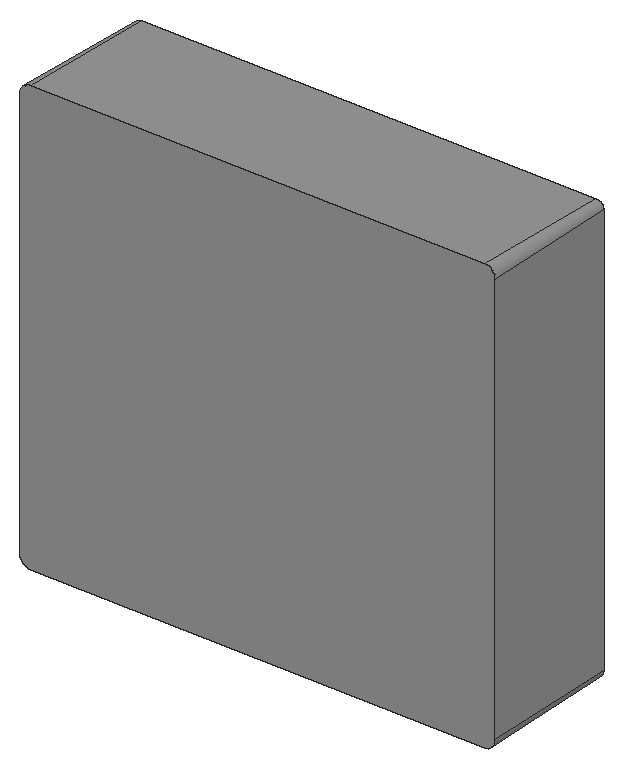
Revit family "L&L_LUCE&LIGHT_PASITO_1.2", category Lighting Fixtures, host Wall, Revit 2018 (continued)
Types (2, lengths in mm): name | Photometric Web File | built-in parameter 1150142
     1.50 1.34 1.19 1.06 0.92 0.77 0.64 0.52 0.39 \r\n0.27 0.16 0.07 0.02 \r\n0.07 0.10 0.34 0.93 1.49 1.84 2.42 3.59 5.22 7.17 9.50 \r\n12.23 15.45 19.47 24.01 29.56 36.25 43.65 51.96 60.90 \r\n69.29 75.83 80.04 82.99 85.92 88.99 91.88 94.60 97.21 \r\n99.97 102.65 105.06 107.33 109.63 111.73 113.78 115.85 \r\n117.63 119.20 120.80 122.32 123.59 124.60 125.61 126.52 \r\n127.08 127.46 127.79 128.04 128.25 128.38 128.26 127.95 \r\n127.55 126.93 126.17 125.32 124.29 123.07 121.74 120.27 \r\n118.60 116.72 114.69 112.57 110.31 107.84 105.18 102.33 \r\n99.28 96.01 92.52 88.84 84.94 80.77 76.42 71.99 67.55 \r\n63.19 58.98 55.01 51.33 47.96 44.90 42.13 39.63 37.39 \r\n35.36 33.54 31.89 30.40 29.03 27.77 26.59 25.48 24.42 \r\n23.42 22.48 21.61 20.80 20.05 19.35 18.71 18.12 17.56 \r\n17.05 16.56 16.11 15.69 15.30 14.95 14.62 14.31 14.01 \r\n13.66 13.26 12.83 12.40 12.01 11.66 11.37 11.10 10.85 \r\n10.62 10.38 10.12 9.87 9.64 9.40 9.15 8.89 8.66 8.42 8.19 \r\n7.93 7.69 7.48 7.24 7.00 6.75 6.53 6.33 6.08 5.88 5.69 \r\n5.44 5.22 5.00 4.80 4.62 4.42 4.20 4.00 3.82 3.65 3.48 \r\n3.31 3.13 2.95 2.78 2.61 2.43 2.25 2.09 1.95 1.80 1.66 \r\n1.52 1.37 1.24 1.11 0.99 0.85 0.72 0.60 0.49 0.36 0.25 \r\n0.14 0.06 0.02 \r\n0.07 0.09 0.30 0.80 1.36 1.72 2.13 2.92 4.21 5.81 7.70 \r\n10.00 12.53 15.53 19.24 23.37 28.38 34.40 41.21 48.52 \r\n56.10 63.97 70.81 75.71 78.56 80.85 83.27 85.70 88.07 \r\n90.27 92.15 94.05 95.99 97.81 99.53 101.14 102.48 103.72 \r\n105.10 106.36 107.32 108.08 108.85 109.50 109.95 110.24 \r\n110.43 110.61 110.70 110.58 110.30 109.93 109.44 108.85 \r\n108.18 107.33 106.30 105.18 104.03 102.84 101.51 99.96 \r\n98.28 96.54 94.64 92.62 90.55 88.38 86.07 83.63 81.06 \r\n78.35 75.52 72.58 69.52 66.35 63.09 59.78 56.45 53.18 \r\n50.03 47.04 44.22 41.61 39.20 36.99 34.98 33.15 31.49 \r\n29.97 28.58 27.30 26.10 24.99 23.93 22.93 21.98 21.10 \r\n20.27 19.50 18.78 18.11 17.48 16.90 16.35 15.83 15.36 \r\n14.92 14.53 14.18 13.85 13.53 13.19 12.80 12.37 11.94 \r\n11.53 11.18 10.88 10.61 10.36 10.13 9.91 9.69 9.46 9.23 \r\n9.00 8.77 8.53 8.31 8.08 7.86 7.64 7.41 7.19 6.99 6.74 \r\n6.52 6.35 6.13 5.90 5.72 5.53 5.31 5.12 4.92 4.71 4.53 \r\n4.35 4.16 3.98 3.81 3.66 3.50 3.33 3.15 2.98 2.82 2.68 \r\n2.52 2.34 2.19 2.05 1.91 1.77 1.64 1.50 1.37 1.25 1.13 \r\n1.02 0.90 0.78 0.67 0.56 0.45 0.34 0.23 0.13 0.06 0.02 \r\n0.07 0.09 0.25 0.67 1.20 1.59 1.88 2.36 3.27 4.50 5.94 \r\n7.70 9.84 12.15 14.73 17.97 21.67 25.80 30.74 36.59 43.05 \r\n49.70 56.54 63.15 68.57 72.49 75.02 76.81 78.62 80.45 \r\n82.12 83.67 85.07 86.40 87.68 88.81 89.79 90.69 91.59 \r\n92.41 92.98 93.43 93.85 94.14 94.29 94.39 94.44 94.38 \r\n94.19 93.86 93.40 92.85 92.26 91.59 90.83 89.96 89.01 \r\n88.01 86.94 85.70 84.35 82.93 81.48 79.98 78.42 76.81 \r\n75.14 73.38 71.52 69.58 67.59 65.56 63.50 61.37 59.18 \r\n56.93 54.60 52.22 49.81 47.39 45.00 42.66 40.40 38.24 \r\n36.21 34.30 32.52 30.87 29.35 27.95 26.65 25.46 24.35 \r\n23.30 22.31 21.36 20.45 19.59 18.78 18.03 17.32 16.66 \r\n16.04 15.47 14.93 14.44 13.99 13.58 13.20 12.84 12.48 \r\n12.09 11.69 11.27 10.86 10.51 10.22 9.97 9.73 9.50 9.30 \r\n9.11 8.90 8.67 8.45 8.23 8.02 7.80 7.59 7.39 7.17 6.97 \r\n6.78 6.59 6.39 6.18 5.99 5.81 5.63 5.44 5.25 5.07 4.89 \r\n4.70 4.52 4.36 4.20 4.03 3.85 3.70 3.56 3.41 3.25 3.08 \r\n2.93 2.80 2.66 2.51 2.35 2.21 2.09 1.96 1.83 1.70 1.58 \r\n1.46 1.33 1.22 1.12 1.01 0.91 0.80 0.70 0.61 0.51 0.41 \r\n0.31 0.21 0.12 0.05 0.02 \r\n0.07 0.09 0.20 0.54 1.00 1.43 1.70 1.95 2.49 3.34 4.40 \r\n5.63 7.15 9.00 11.06 13.24 15.82 18.87 22.22 25.93 30.28 \r\n35.32 40.82 46.65 52.85 58.66 63.48 67.04 69.59 71.29 \r\n72.49 73.64 74.82 75.87 76.73 77.45 78.13 78.77 79.29 \r\n79.70 80.08 80.39 80.56 80.61 80.58 80.47 80.32 80.10 \r\n79.77 79.30 78.73 78.11 77.45 76.76 75.99 75.14 74.19 \r\n73.24 72.27 71.26 70.18 69.03 67.82 66.60 65.33 64.00 \r\n62.63 61.24 59.84 58.42 56.94 55.41 53.83 52.21 50.57 \r\n48.90 47.20 45.48 43.72 41.93 40.12 38.32 36.55 34.81 \r\n33.14 31.52 29.99 28.53 27.16 25.88 24.67 23.55 22.50 \r\n21.51 20.56 19.64 18.76 17.91 17.11 16.36 15.66 15.01 \r\n14.40 13.84 13.31 12.83 12.38 11.97 11.58 11.20 10.81 \r\n10.41 10.03 9.68 9.38 9.13 8.91 8.70 8.52 8.34 8.13 7.91 \r\n7.71 7.53 7.34 7.15 6.96 6.78 6.58 6.39 6.21 6.04 5.88 \r\n5.71 5.54 5.37 5.21 5.04 4.86 4.69 4.53 4.37 4.23 4.08 \r\n3.93 3.78 3.63 3.50 3.37 3.24 3.10 2.97 2.83 2.70 2.56 \r\n2.42 2.29 2.17 2.05 1.94 1.83 1.71 1.61 1.50 1.38 1.27 \r\n1.17 1.07 0.98 0.89 0.79 0.70 0.62 0.54 0.46 0.36 0.27 \r\n0.19 0.11 0.05 0.02 \r\n0.07 0.09 0.15 0.40 0.79 1.21 1.53 1.73 1.93 2.38 3.10 \r\n3.95 4.92 6.12 7.58 9.26 11.07 13.06 15.34 17.90 20.66 \r\n23.65 27.05 30.98 35.29 39.92 44.97 50.20 54.97 58.85 \r\n61.82 63.95 65.28 66.07 66.70 67.34 67.92 68.35 68.65 \r\n68.86 69.03 69.17 69.19 69.06 68.90 68.71 68.45 68.12 \r\n67.71 67.25 66.73 66.13 65.48 64.81 64.14 63.40 62.59 \r\n61.73 60.85 59.94 59.01 58.05 57.09 56.10 55.10 54.06 \r\n52.99 51.89 50.77 49.64 48.50 47.33 46.12 44.90 43.64 \r\n42.37 41.09 39.78 38.46 37.11 35.75 34.37 32.98 31.59 \r\n30.20 28.84 27.51 26.23 24.99 23.82 22.69 21.63 20.62 \r\n19.65 18.72 17.82 16.94 16.10 15.29 14.52 13.80 13.12 \r\n12.50 11.94 11.43 10.97 10.52 10.09 9.67 9.27 8.89 8.55 \r\n8.27 8.05 7.87 7.71 7.55 7.38 7.20 7.03 6.86 6.67 6.49 \r\n6.33 6.18 6.01 5.84 5.68 5.52 5.37 5.23 5.10 4.96 4.80 \r\n4.64 4.50 4.36 4.23 4.09 3.95 3.81 3.69 3.56 3.44 3.32 \r\n3.21 3.10 2.98 2.86 2.75 2.63 2.52 2.39 2.27 2.16 2.05 \r\n1.95 1.86 1.76 1.66 1.56 1.46 1.36 1.26 1.17 1.09 1.00 \r\n0.92 0.84 0.75 0.68 0.61 0.54 0.47 0.40 0.32 0.24 0.16 \r\n0.09 0.05 0.02 \r\n0.07 0.08 0.13 0.30 0.58 0.92 1.25 1.52 1.69 1.84 2.11 \r\n2.59 3.24 3.98 4.86 5.89 7.07 8.35 9.74 11.33 13.15 15.15 \r\n17.27 19.49 22.04 24.97 28.23 31.67 35.16 38.95 43.02 \r\n47.07 50.68 53.52 55.72 57.33 58.24 58.71 58.99 59.27 \r\n59.51 59.63 59.59 59.42 59.18 58.91 58.61 58.28 57.89 \r\n57.44 56.96 56.44 55.85 55.24 54.61 53.99 53.33 52.62 \r\n51.88 51.14 50.41 49.67 48.91 48.09 47.23 46.36 45.50 \r\n44.63 43.76 42.87 41.95 41.01 40.06 39.11 38.15 37.17 \r\n36.18 35.16 34.12 33.06 31.98 30.89 29.77 28.64 27.49 \r\n26.35 25.20 24.06 22.93 21.83 20.75 19.71 18.70 17.72 \r\n16.76 15.82 14.91 14.03 13.18 12.39 11.66 10.99 10.36 \r\n9.78 9.23 8.73 8.26 7.84 7.49 7.20 6.97 6.80 6.66 6.53 \r\n6.39 6.25 6.09 5.93 5.78 5.64 5.51 5.38 5.24 5.10 4.97 \r\n4.84 4.73 4.61 4.49 4.36 4.23 4.11 3.99 3.87 3.76 3.65 \r\n3.54 3.43 3.33 3.23 3.13 3.03 2.92 2.81 2.71 2.62 2.52 \r\n2.42 2.32 2.22 2.13 2.04 1.95 1.87 1.78 1.69 1.61 1.52 \r\n1.44 1.36 1.27 1.19 1.12 1.05 0.98 0.90 0.83 0.75 0.68 \r\n0.62 0.57 0.51 0.46 0.39 0.33 0.27 0.20 0.14 0.08 0.04 \r\n0.02 \r\n0.07 0.08 0.12 0.19 0.39 0.63 0.89 1.16 1.40 1.61 1.70 \r\n1.81 1.98 2.34 2.84 3.40 4.06 4.83 5.66 6.54 7.48 8.51 \r\n9.76 11.19 12.71 14.24 15.79 17.47 19.48 21.65 24.09 \r\n26.69 29.50 32.53 35.61 38.60 41.40 43.92 46.09 47.84 \r\n49.02 49.76 49.99 50.04 49.93 49.83 49.56 49.28 48.87 \r\n48.51 48.10 47.69 47.22 46.71 46.21 45.68 45.17 44.60 \r\n44.02 43.42 42.79 42.16 41.54 40.91 40.28 39.64 38.95 \r\n38.26 37.56 36.84 36.11 35.39 34.66 33.90 33.12 32.32 \r\n31.52 30.71 29.88 29.03 28.16 27.28 26.38 25.46 24.51 \r\n23.53 22.53 21.50 20.45 19.41 18.36 17.33 16.31 15.31 \r\n14.31 13.32 12.35 11.41 10.50 9.66 8.87 8.16 7.52 6.96 \r\n6.49 6.13 5.85 5.66 5.51 5.39 5.28 5.17 5.06 4.94 4.82 \r\n4.71 4.60 4.50 4.40 4.30 4.20 4.11 4.01 3.91 3.81 3.71 \r\n3.61 3.52 3.42 3.33 3.24 3.16 3.08 3.00 2.92 2.83 2.75 \r\n2.66 2.58 2.51 2.43 2.35 2.26 2.18 2.10 2.02 1.95 1.88 \r\n1.81 1.74 1.67 1.60 1.53 1.46 1.39 1.32 1.25 1.19 1.13 \r\n1.07 1.01 0.95 0.89 0.82 0.76 0.70 0.65 0.60 0.55 0.50 \r\n0.46 0.41 0.36 0.32 0.27 0.22 0.17 0.11 0.07 0.04 0.02 \r\n0.07 0.08 0.10 0.15 0.22 0.37 0.53 0.72 0.90 1.11 1.32 \r\n1.50 1.64 1.71 1.79 1.89 2.06 2.32 2.65 3.09 3.57 4.12 \r\n4.70 5.33 6.00 6.75 7.57 8.55 9.55 10.63 11.71 12.90 \r\n14.20 15.61 17.09 18.54 19.99 21.40 22.87 24.28 25.58 \r\n26.72 27.52 28.13 28.50 28.67 28.74 28.69 28.54 28.33 \r\n28.09 27.86 27.66 27.43 27.21 27.00 26.77 26.57 26.42 \r\n26.28 26.14 25.97 25.77 25.53 25.25 24.96 24.66 24.35 \r\n24.04 23.73 23.41 23.07 22.71 22.32 21.92 21.49 21.05 \r\n20.59 20.11 19.60 19.08 18.52 17.94 17.34 16.72 16.08 \r\n15.42 14.75 14.07 13.38 12.69 11.98 11.27 10.55 9.81 9.05 \r\n8.28 7.52 6.78 6.08 5.47 4.94 4.51 4.17 3.93 3.82 3.77 \r\n3.72 3.66 3.61 3.55 3.49 3.44 3.39 3.33 3.27 3.20 3.14 \r\n3.07 3.01 2.95 2.89 2.82 2.76 2.70 2.63 2.57 2.52 2.46 \r\n2.40 2.34 2.28 2.22 2.15 2.09 2.03 1.97 1.91 1.86 1.80 \r\n1.75 1.70 1.64 1.59 1.54 1.48 1.43 1.38 1.32 1.27 1.22 \r\n1.17 1.12 1.07 1.02 0.97 0.92 0.88 0.83 0.78 0.74 0.69 \r\n0.65 0.61 0.57 0.54 0.49 0.45 0.42 0.38 0.34 0.31 0.27 \r\n0.24 0.21 0.17 0.13 0.09 0.06 0.04 0.02 \r\n0.07 0.08 0.09 0.11 0.15 0.20 0.25 0.33 0.41 0.49 0.61 \r\n0.73 0.88 1.03 1.19 1.33 1.45 1.57 1.66 1.71 1.75 1.80 \r\n1.88 1.98 2.13 2.36 2.60 2.87 3.22 3.59 3.99 4.46 4.96 \r\n5.47 6.01 6.55 7.08 7.59 8.11 8.58 8.98 9.32 9.61 9.84 \r\n10.01 10.14 10.25 10.31 10.32 10.30 10.28 10.26 10.25 \r\n10.27 10.32 10.37 10.42 10.45 10.46 10.47 10.47 10.47 \r\n10.46 10.45 10.44 10.44 10.42 10.41 10.39 10.36 10.32 \r\n10.27 10.19 10.09 9.97 9.83 9.68 9.51 9.33 9.13 8.91 8.68 \r\n8.43 8.17 7.91 7.64 7.38 7.12 6.86 6.59 6.30 6.00 5.68 \r\n5.34 4.96 4.56 4.12 3.68 3.27 2.91 2.64 2.50 2.40 2.34 \r\n2.30 2.27 2.24 2.21 2.18 2.15 2.12 2.09 2.06 2.03 2.01 \r\n1.98 1.95 1.92 1.89 1.86 1.83 1.79 1.76 1.72 1.69 1.66 \r\n1.63 1.60 1.56 1.53 1.50 1.46 1.42 1.38 1.34 1.31 1.27 \r\n1.23 1.20 1.17 1.13 1.10 1.07 1.03 1.00 0.96 0.93 0.89 \r\n0.86 0.83 0.80 0.77 0.73 0.70 0.67 0.64 0.61 0.58 0.55 \r\n0.52 0.49 0.46 0.44 0.41 0.38 0.35 0.32 0.29 0.27 0.24 \r\n0.22 0.20 0.18 0.16 0.14 0.12 0.10 0.07 0.05 0.03 0.02 \r\n0.07 0.07 0.08 0.09 0.10 0.11 0.12 0.14 0.15 0.16 0.17 \r\n0.18 0.21 0.25 0.30 0.35 0.39 0.43 0.47 0.53 0.60 0.66 \r\n0.73 0.80 0.87 0.94 1.00 1.05 1.11 1.18 1.24 1.30 1.35 \r\n1.40 1.45 1.49 1.53 1.58 1.62 1.66 1.70 1.73 1.74 1.76 \r\n1.76 1.77 1.78 1.78 1.78 1.78 1.78 1.80 1.83 1.85 1.89 \r\n1.93 1.97 2.00 2.03 2.05 2.07 2.08 2.08 2.08 2.07 2.06 \r\n2.07 2.07 2.08 2.09 2.09 2.09 2.08 2.07 2.06 2.04 2.04 \r\n2.02 2.00 1.98 1.96 1.94 1.91 1.87 1.84 1.80 1.76 1.72 \r\n1.68 1.64 1.60 1.56 1.52 1.49 1.46 1.43 1.41 1.38 1.36 \r\n1.34 1.32 1.30 1.28 1.25 1.23 1.21 1.19 1.17 1.14 1.12 \r\n1.10 1.08 1.06 1.04 1.02 1.00 0.98 0.96 0.95 0.93 0.92 \r\n0.90 0.88 0.87 0.85 0.83 0.81 0.80 0.78 0.77 0.75 0.73 \r\n0.72 0.69 0.67 0.66 0.64 0.63 0.61 0.60 0.58 0.57 0.55 \r\n0.53 0.51 0.49 0.48 0.46 0.44 0.43 0.41 0.40 0.38 0.36 \r\n0.35 0.33 0.31 0.30 0.28 0.27 0.25 0.24 0.22 0.21 0.19 \r\n0.18 0.17 0.15 0.14 0.13 0.12 0.11 0.10 0.10 0.09 0.08 \r\n0.07 0.05 0.04 0.03 0.02 \r\n0.07 0.07 0.07 0.07 0.07 0.07 0.07 0.07 0.07 0.07 0.07 \r\n0.07 0.07 0.07 0.08 0.08 0.08 0.08 0.08 0.09 0.09 0.09 \r\n0.09 0.09 0.10 0.10 0.10 0.10 0.11 0.11 0.11 0.11 0.11 \r\n0.12 0.12 0.12 0.12 0.13 0.13 0.13 0.13 0.14 0.14 0.14 \r\n0.14 0.15 0.15 0.15 0.15 0.15 0.16 0.16 0.16 0.16 0.17 \r\n0.17 0.17 0.17 0.17 0.17 0.18 0.18 0.18 0.18 0.18 0.18 \r\n0.19 0.19 0.19 0.19 0.19 0.19 0.19 0.19 0.20 0.20 0.20 \r\n0.20 0.20 0.20 0.20 0.20 0.21 0.21 0.21 0.21 0.21 0.21 \r\n0.21 0.21 0.22 0.22 0.22 0.22 0.22 0.22 0.22 0.22 0.22 \r\n0.22 0.22 0.22 0.22 0.22 0.22 0.22 0.22 0.22 0.22 0.21 \r\n0.21 0.21 0.21 0.21 0.21 0.20 0.20 0.20 0.20 0.19 0.19 \r\n0.19 0.19 0.18 0.18 0.18 0.18 0.18 0.17 0.17 0.17 0.17 \r\n0.16 0.16 0.16 0.15 0.15 0.15 0.14 0.14 0.14 0.13 0.13 \r\n0.13 0.12 0.12 0.11 0.11 0.11 0.10 0.10 0.09 0.09 0.09 \r\n0.08 0.08 0.08 0.07 0.07 0.07 0.06 0.06 0.06 0.06 0.05 \r\n0.05 0.05 0.05 0.04 0.04 0.04 0.04 0.04 0.04 0.04 0.04 \r\n0.04 0.03 0.03 0.02 0.02 \r\n"
Types in the file's own list only (2): name | Photometric Web File
  PASITO_MINI_1.2 – Asymmetrical 90°x150° | "PASITO 1.2 AE 150°x90° [2700K 8.5W 24Vdc] white.IES"
  PASITO_MINI_1.2 – 60° | "PASITO 1.1 BE 60° [2700K 8.5W 24Vdc] white.IES"
